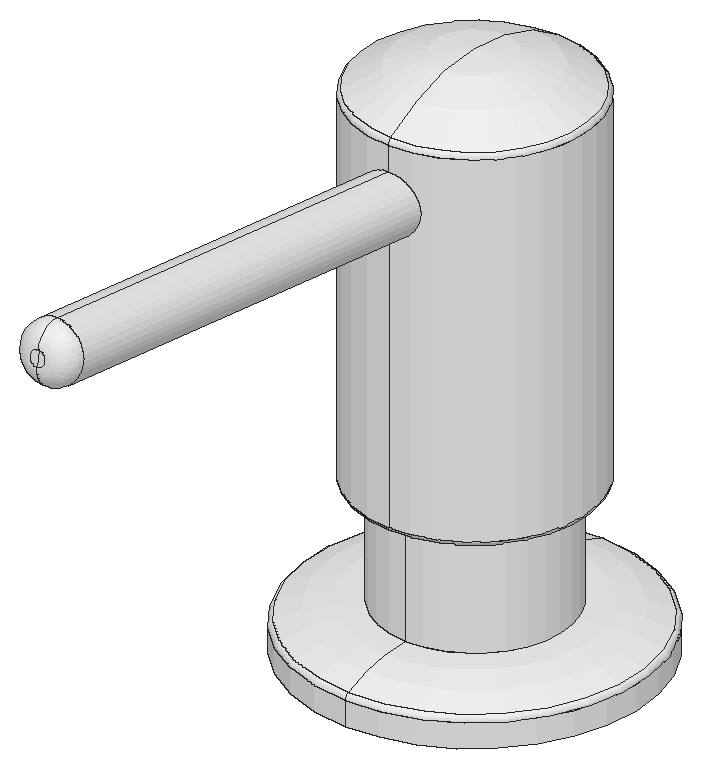
Revit family "Soap_Dispenser-Grohe-Contemporary-40536_Seriesxxx", category Specialty Equipment, Revit 2014
Parameters (values of type "40536000")
  Width = 1 3/4"  # constant formula
  URL = "https://www.grohe.ca/en_ca/"
  Product Page URL = "https://www.grohe.us/en_us/soap-dispensers-contemporary-soap-dispenser-40536000.html"
  Price = "Prices may vary. Please consult Manufacturer Representative for most up-to-date price list."  # constant formula
  Model = "40536000"
  Material = "Metal-Grohe-000-Chrome"
  Manufacturer = "GROHE"
  Length = 3"  # constant formula
  Height = 2 15/16"  # constant formula
  Finish = Metal-Grohe-000-Chrome
  Description = "Contemporary Soap Dispenser"  # constant formula
  Default Elevation = 0"
  Creation Date = "07/28/2017"
  Assembly Code = "E2020200"
Types (3): name | Product Page URL | Model | Material | Finish
  (no name) | "https://www.grohe.us/en_us/soap-dispensers-contemporary-soap-dispenser-40536000.html" | "40536000" | "Metal-Grohe-000-Chrome" | Metal-Grohe-000-Chrome
  40536000 | "https://www.grohe.us/en_us/soap-dispensers-contemporary-soap-dispenser-40536000.html" | "40536000" | "Metal-Grohe-000-Chrome" | Metal-Grohe-000-Chrome
  40536DC0 | "https://www.grohe.us/en_us/contemporary-soap-dispenser-40536DC0.html" | "40536DC0" | "Metal-Grohe-DC0-SuperSteel" | Metal-Grohe-DC0-SuperSteel
Reference planes (in)
  plane 1 "Center (Front/Back)": y = 0
  plane 2: z = 0
  plane 3 "Center (Left/Right)": x = 0
  plane 4: x = 0.625
  plane 5: x = -0.625
  plane 6: x = 0.5625
  plane 7: x = -0.5625
  plane 8: y = -0.88583
  plane 9: y = 0.88583
  plane 10: y = -3
  plane 11: z = 2.9375
Forms (in)
  Revolve 1, solid, material "Metal-Grohe-000-Chrome" <- "Finish"
    sketch origin (0, 0, 0) x (0, 1, 0) y (0, 0, 1)
      loop
        line (-0.88583, 0) -> (0, 0) -> (0, 2.9375)
        arc (0, 2.9375) -> (-0.30213, 2.88998) -> (-0.57509, 2.75201) r 0.98425
        arc (-0.57509, 2.75201) -> (-0.58646, 2.73879) -> (-0.59055, 2.72183) r 0.03718
        line (-0.59055, 2.72183) -> (-0.59055, 0.84677)
        arc (-0.59055, 0.84677) -> (-0.58469, 0.83263) -> (-0.57055, 0.82677) r 0.02
        line (-0.57055, 0.82677) -> (-0.47244, 0.82677) -> (-0.47244, 0.23622)
        arc (-0.47244, 0.23622) -> (-0.67386, 0.21933) -> (-0.86609, 0.15684) r 0.8782
        arc (-0.86609, 0.15684) -> (-0.88047, 0.14436) -> (-0.88583, 0.12608) r 0.03383
        line (-0.88583, 0.12608) -> (-0.88583, 0)
      axis (0, 2.9375) -> (0, 0)
    angle from 0 to 360
  Revolve 2, solid, material "Metal-Grohe-000-Chrome" <- "Finish"
    sketch origin (0, -0.30322, 0.20836) x (0, 0.991343, 0.131294) y (0, -0.131294, 0.991343)
      loop
        line (-2.33597, 2.85279) -> (-2.34618, 2.81345)
        arc (-2.34618, 2.81345) -> (-2.3338, 2.72489) -> (-2.26243, 2.67102) r 0.11683
        line (-2.26243, 2.67102) -> (0.36273, 1.98994) -> (0.40228, 2.14237) -> (-2.33597, 2.85279)
      axis (-2.33597, 2.85279) -> (0.40228, 2.14237)
    angle from 0 to 360
Cuts and joins
  joined: Revolve 1, Revolve 2
Lines and regions (in)
  Masking region 1
    outline origin (0, 0, 0) x (1, 0, 0) y (0, 1, 0)
      loop
        arc (0.15722, -0.87176) -> (0, 0.88583) -> (-0.15722, -0.87176) r 0.88583
        line (-0.15722, -0.87176) -> (-0.15722, -2.95573)
        arc (-0.15722, -2.95573) -> (-0.1484, -2.97277) -> (-0.13079, -2.98038) r 0.02854
        arc (-0.13079, -2.98038) -> (0, -2.99145) -> (0.13079, -2.98038) r 0.77782
        arc (0.13079, -2.98038) -> (0.1484, -2.97277) -> (0.15722, -2.95573) r 0.02854
        line (0.15722, -2.95573) -> (0.15722, -0.87176)
  symbolic lines, detail levels medium+fine
    curve 1: circle (0, 0, 0) r 0.59027 normal (0, 0, 1)
    curve 2: line (0.15722, -0.87176, 0) -> (0.15722, -0.56895, 0)
    curve 3: line (-0.15722, -0.87176, 0) -> (-0.15722, -0.56895, 0)
Dimensions and locks (in)
  plane 5 to plane 4 = 1 1/4"
  plane 7 to plane 6 = 1 1/8"
  plane 11 to plane 2 = 2 15/16"
  plane 9 to plane 8 = 1.77165"
  plane 1 "Center (Front/Back)" to plane 10 = 3"
